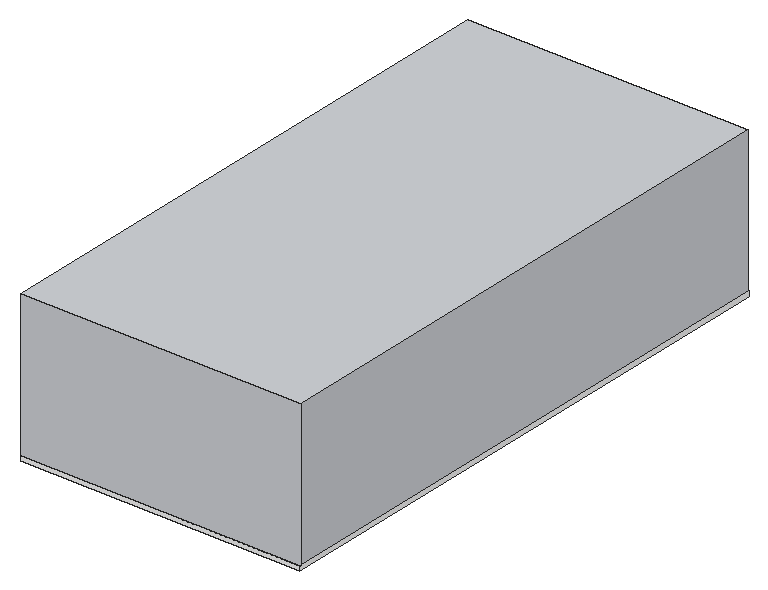
Revit family "Recessed Troffer Face Based", category Lighting Fixtures, Revit 2019
Family settings
  Round Connector Dimension = Use Diameter
  Part Type = Normal
  OmniClass Number = 23.80.70.00
  OmniClass Title = Lighting
  Work Plane-Based = No
  Always vertical = No
  Cut with Voids When Loaded = No
  Light Source = Yes
  Shared = No
  Room Calculation Point = Yes
Parameters (values of type "L21.3 Revalo RV06327DD 25W 4000K Insulated Panel 600x300")
  Width/2 = Width / 2  # 150 mm
  Width = 300 mm
  Wattage = 18.7354 W
  built-in parameter 1150110 = 1 (stored number, unit not read)
  Type Comments = "L21.3"
  built-in parameter 1114217 = 0.8 (stored number, unit not read)
  Tilt Angle = 90.00°
  built-in parameter 1150109 = 1 (stored number, unit not read)
  built-in parameter 1150134 = 12
  built-in parameter 1150113 = 1 (stored number, unit not read)
  Photometric Web File = "Slender Panel 1200x300 700MA UGR19 4000K.IES"
  PRL_LTGSchedule_Output = ""
  PRL_LTGSchedule_Manufacturer = ""
  PRL_LTGSchedule_Lifetime = ""
  PRL_LTGSchedule_Installation = ""
  PRL_LTGSchedule_Description = ""
  PRL_LTGSchedule_Control = ""
  PRL_LTGSchedule_Classification = ""
  PRL_LTGSchedule_CatNo = ""
  PRL_LTGSchedule_CCT = ""
  PRL_LTGSchedule_AppearsInSchedule = yes
  PRL_LTGSchedule_Accessories = ""
  PRL_AppearsInSchedule = yes
  Lumens = 2783 lm
  built-in parameter 1150115 = 1 (stored number, unit not read)
  built-in parameter 1150105 = 221.46 (stored number, unit not read)
  built-in parameter 1150137 = (empty or 0)
  built-in parameter 1150139 = (empty or 0)
  Length/2 = Length / 2  # 300 mm
  Length = 600 mm
  built-in parameter 1150112 = 1 (stored number, unit not read)
  built-in parameter 1150114 = 1 (stored number, unit not read)
  built-in parameter 1150132 = 2
  built-in parameter 1150102 = (empty or 0)
  built-in parameter 1150138 = (empty or 0)
  built-in parameter 1150107 = 4000 (stored number, unit not read)
  built-in parameter 1150106 = 2.2146 (stored number, unit not read)
  Family Revision = 10
  Emit from Rectangle Width = 600 mm
  Emit from Rectangle Length = 300 mm
  Emit Shape Visible in Rendering = yes
  built-in parameter 1150104 = 13.8 (stored number, unit not read)
  Dimming Lamp Color Temperature Shift = <None>
  Color Filter = 16777215
  built-in parameter 1114218 = 1 (stored number, unit not read)
  built-in parameter 1150133 = 10 (stored number, unit not read)
  Apparent Load = 25 VA
Types (10, lengths in mm): name | Wattage | Type Comments | built-in parameter 1114217 | PRL_LTGSchedule_Output | PRL_LTGSchedule_Manufacturer | PRL_LTGSchedule_Lifetime | PRL_LTGSchedule_Installation | PRL_LTGSchedule_Description | PRL_LTGSchedule_Control | PRL_LTGSchedule_CatNo | PRL_LTGSchedule_CCT | PRL_LTGSchedule_Accessories | Lumens | built-in parameter 1150105 | Length/2 | Length | built-in parameter 1150106 | Emit from Rectangle Width
  L21.3 Revalo RV06327DD 25W 4000K Insulated Panel 600x300 | 18.7354 W | "L21.3" | 0.8 (stored number, unit not read) | "" | "" | "" | "" | "" | "" | "" | "" | "" | 2783 lm | 221.46 (stored number, unit not read) | 300 | 600 | 2.2146 (stored number, unit not read) | 600
  L21.1 Revalo RV06327DD 25W 4000K T-Rail 600x300 DALI | 18.7354 W | "L21.1" | 0.8 (stored number, unit not read) | "" | "" | "" | "" | "" | "" | "" | "" | "" | 2783 lm | 221.46 (stored number, unit not read) | 300 | 600 | 2.2146 (stored number, unit not read) | 1200
  L11.2 Revalo RV12355 48W 4000K Gib 1200x300 | 18.7354 W | "L11.2" | 0.8 (stored number, unit not read) | "" | "" | "" | "" | "" | "" | "" | "" | "" | 2783 lm | 221.46 (stored number, unit not read) | 600 | 1200 | 2.2146 (stored number, unit not read) | 1200
  L11.1 Revalo RV12355 48W 4000K T-Rail 1200x300 | 37.0266 W | "L11.1" | 0.83 (stored number, unit not read) | "48W LED\r\n5500 lm" | "Energylight" | "50,000 Hrs\r\nL90" | "Recessed in T-Rail Grid Ceiling" | "Recessed 1200 x 300 LED Module complete with framed Y5 diffuser & seismic restraint." | "Fixed output electronic driver" | "Revalo 300\r\nRV12355" | "4000K\r\nCRI=80+" | "" | 5500 lm | 437.68 (stored number, unit not read) | 600 | 1200 | 4.3768 (stored number, unit not read) | 1200
  L10.3 Revalo RV12355DD 48W 4000K Insulated Panel 1200x300 DALI | 18.7354 W | "L10.3" | 0.8 (stored number, unit not read) | "" | "" | "" | "" | "" | "" | "" | "" | "" | 2783 lm | 221.46 (stored number, unit not read) | 600 | 1200 | 2.2146 (stored number, unit not read) | 1200
  L10.2 Revalo RV12355DD 48W 4000K Gib 1200x300 DALI | 37.0266 W | "L10.2" | 0.8 (stored number, unit not read) | "48W LED\r\n5500 lm" | "Energylight" | "50,000 Hrs\r\nL90" | "Recessed in Plaster/Gib Ceiling" | "Recessed 1200 x 300 LED Module complete with framed Y5 diffuser & seismic restraint." | "Casambi Enabled DALI Dimmable Electronic Driver (Tridonic BasicDIM Wireless Or Casambi CBU-ASD Module)." | "Revalo 300\r\nRV12355DD" | "4000K\r\nCRI=80+" | "Recessing kit" | 5500 lm | 437.68 (stored number, unit not read) | 600 | 1200 | 4.3768 (stored number, unit not read) | 1200
  L10.1 Revalo RV12355DD 48W 4000K T-Rail 1200x300 DALI | 18.7354 W | "L10.1" | 0.8 (stored number, unit not read) | "" | "" | "" | "" | "" | "" | "" | "" | "" | 2783 lm | 221.46 (stored number, unit not read) | 600 | 1200 | 2.2146 (stored number, unit not read) | 1200
  L21.2 Revalo RV06327DD 25W 4000K Gib 600x300 DALI | 18.7354 W | "L21.2" | 0.8 (stored number, unit not read) | "" | "" | "" | "" | "" | "" | "" | "" | "" | 2783 lm | 221.46 (stored number, unit not read) | 300 | 600 | 2.2146 (stored number, unit not read) | 1200
  L10.1 Revalo RV12355DD 48W 4000K T-Rail 1200x300 DALI 2 Delete | 18.7354 W | "L10.1d" | (empty or 0) | "" | "" | "" | "" | "" | "" | "" | "" | "" | 2783 lm | 221.46 (stored number, unit not read) | 600 | 1200 | 2.2146 (stored number, unit not read) | 1200
  M2 Revalo RV12355DD 48W 4000K Gib 1200x300 DALI | 37.0266 W | "M2" | 0.8 (stored number, unit not read) | "48W LED\r\n5500 lm" | "Energylight" | "50,000 Hrs\r\nL90" | "Recessed in Plaster/Gib Ceiling" | "Recessed 1200 x 300 LED Module complete with framed Y5 diffuser & seismic restraint." | "Casambi Enabled DALI Dimmable Electronic Driver (Tridonic BasicDIM Wireless Or Casambi CBU-ASD Module)." | "Revalo 300\r\nRV12355DD" | "4000K\r\nCRI=80+" | "Recessing kit" | 5500 lm | 437.68 (stored number, unit not read) | 600 | 1200 | 4.3768 (stored number, unit not read) | 1200
Reference planes
  plane 1 "Light Source Axis (F/B)": y = 0
  plane 2: z = 0
  plane 3 "Light Source Axis (L/R)": x = 0
  plane 4 "Light Source Elevation": z = -10
  plane 5: y = 300
  plane 6: y = -300
  plane 7: x = 150
  plane 8: x = -150
Forms (mm)
  Extrusion 1, solid
    sketch origin (6.395, 0, 0) x (1, 0, 0) y (0, 1, 0)
      loop
        line (-156.395, -300) -> (143.605, -300) -> (143.605, 300) -> (-156.395, 300) -> (-156.395, -300)
    from -5 to 150
  Extrusion 2, solid, material "Default Light Source(1)"
    sketch origin (0, 0, 0) x (1, 0, 0) y (0, 1, 0)
      loop
        line (-150, 300) -> (-150, -300) -> (150, -300) -> (150, 300) -> (-150, 300)
    from -10 to -5
Lines and regions (mm)
  model lines, style "4"
    curve 1: line (-150, 300, 0) -> (150, 300, 0)
    curve 2: line (150, 300, 0) -> (150, -300, 0)
    curve 3: line (150, -300, 0) -> (-150, -300, 0)
    curve 4: line (-150, -300, 0) -> (-150, 300, 0)
    curve 5: line (-150, 300, 0) -> (150, -300, 0)
Dimensions and locks
  "Length": plane 5 to plane 6
  "Width": plane 8 to plane 7
  "Width/2": plane 8 to plane 3 "Light Source Axis (L/R)"
  "Length/2": plane 6 to plane 1 "Light Source Axis (F/B)"
  aligned and locked: plane 3 "Light Source Axis (L/R)" to imposter light
  aligned and locked: plane 1 "Light Source Axis (F/B)" to imposter light
  aligned and locked: plane 4 "Light Source Elevation" to imposter light
  aligned and locked: level to plane 2
  aligned and locked: Extrusion 1 to Extrusion 2
  aligned and locked: Extrusion 2 to Extrusion 1  (x3)
Automatic sketch dimensions
  Extrusion 1 sketch curve to plane 5 = 0 mm
  Extrusion 1 sketch curve to plane 8 = 0 mm
  plane 6 to Extrusion 1 sketch curve = 0 mm
  Extrusion 1 sketch curve to plane 7 = 0 mm
  Extrusion 2 sketch curve to plane 6 = 0 mm
  Extrusion 2 sketch curve to plane 8 = 0 mm
  plane 5 to Extrusion 2 sketch curve = 0 mm
  Extrusion 2 sketch curve to plane 7 = 0 mm
  curve 1 to plane 7 = 0 mm
  curve 3 to plane 6 = 0 mm
  curve 4 to plane 5 = 0 mm
  curve 5 to plane 8 = 0 mm
Connectors
  electrical at (0, 0, -314.8), driven by "Apparent Load"
    settings: on imposter light, index 1, voltage 230 V, apparent load 25 VA, apparent load phase1 0 VA, apparent load phase2 0 VA, apparent load phase3 0 VA, power factor 1, load classification "Lighting", number of poles 1, system type 30, power factor state 1, is connector primary yes, connector utility no, sub classification motor no, connector description ""
